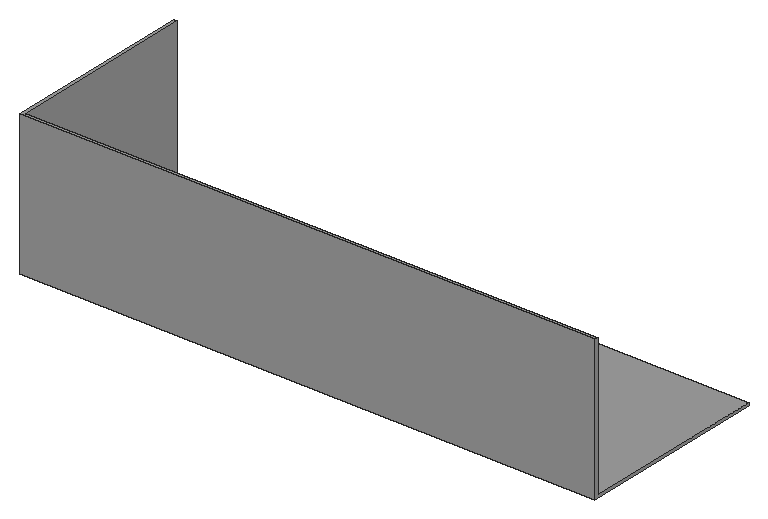
Revit family "d93bb9ab-0a23-4e0f-9059-4a1508c738b2", category Generic Models, Revit 2012
Parameters (values of type "12 inch")
  Unit Width = 1' - 0"
  Unit Height = 0' - 3"
  Unit Depth = 0' - 4"
  URL = "http://www.hyload.com/"
  Thickness = 0' - 0 1/16"
  Specification = "http://www.arcat.com/sdspecs/htm04/07_65_00hyl.htm"
  Sales Information = "http://www.hyload.com/contact-us"
  Revision = "R1_12-2015"
  Product Properties = "http://www.hyload.com/masonry-flashing/preformed-shapes/"
  Product Data = "http://www.arcat.com/arcatcos/cos33/arc33176.html"
  Model = "12 in End Dam"
  Manufacturer Website = "http://www.hyload.com/"
  Manufacturer Phone - Toll Free = "800-457-4056"
  Manufacturer Phone = "330-769-3546"
  Manufacturer Fax = "330-769-4153"
  Manufacturer Address = "5020 Panther Pkwy., Seville, OH 44273"
  Manufacturer = "Hyload"
  Keynote = "07 65 00"
  Flashing Material = Hyload Flashing Membrane - Grey
  Drawn By = "Robert S. Weygant / Sumex Design"
  Description = "Preformed Hyload Masonry Flashing - 12 in End Dam"
  Copyright = "(c) ARCAT, Inc, 2015"
  Construction Details = "http://www.arcat.com/details/hyload/hyload.html?coid=33176"
  Assembly Code = "B3010400"
Types (5): name | Unit Width | Model | Description
  4 inch | 0' - 4" | "4 in End Dam" | "Preformed Hyload Masonry Flashing - 4 in End Dam"
  6 inch | 0' - 6" | "6 in End Dam" | "Preformed Hyload Masonry Flashing - 6 in End Dam"
  8 inch | 0' - 8" | "8 in End Dam" | "Preformed Hyload Masonry Flashing - 8 in End Dam"
  10 inch | 0' - 10" | "10 in End Dam" | "Preformed Hyload Masonry Flashing - 10 in End Dam"
  12 inch | 1' - 0" | "12 in End Dam" | "Preformed Hyload Masonry Flashing - 12 in End Dam"
Reference planes (in)
  plane 1 "Center (Front/Back)": y = 0
  plane 2: z = 0
  plane 3 "Center (Left/Right)": x = 0
  plane 4: y = 4
  plane 5: x = 12
  plane 6: z = 3
Forms (in)
  Extrusion 1, solid, material "Hyload Flashing Membrane - Grey" <- "Flashing Material"
    sketch origin (0, 0, 0) x (1, 0, 0) y (0, 1, 0)
      loop
        line (0, 4) -> (0, 0) -> (12, 0) -> (12, 4) -> (0, 4)
    from 0 to 0.0625 <- "Thickness"
  Extrusion 2, solid, material "Hyload Flashing Membrane - Grey" <- "Flashing Material"
    sketch origin (0, 0, 0) x (1, 0, 0) y (0, 1, 0)
      loop
        line (0, 4) -> (0, 0) -> (12, 0) -> (12, 0.0625) -> (0.0625, 0.0625) -> (0.0625, 4) -> (0, 4)
    from 0 to 3 <- "Unit Height"
Cuts and joins
  joined: Extrusion 1, Extrusion 2
Dimensions and locks (in)
  "Unit Depth": plane 1 "Center (Front/Back)" to plane 4
  "Unit Width": plane 3 "Center (Left/Right)" to plane 5
  "Unit Height": plane 6 to level
  "Thickness": plane 1 "Center (Front/Back)" to Extrusion 2 sketch curve
  "Thickness": plane 3 "Center (Left/Right)" to Extrusion 2 sketch curve
  plane 3 "Center (Left/Right)" to Extrusion 2 = 1' - 0"
  aligned and locked: plane 2 to level
  aligned and locked: Extrusion 1 sketch curve to plane 4
  aligned and locked: plane 3 "Center (Left/Right)" to Extrusion 1 sketch curve
  aligned and locked: Extrusion 1 sketch curve to plane 1 "Center (Front/Back)"
  aligned and locked: Extrusion 1 sketch curve to plane 5
  aligned and locked: plane 4 to Extrusion 2 sketch curve
  aligned and locked: Extrusion 2 sketch curve to plane 3 "Center (Left/Right)"
  aligned and locked: plane 1 "Center (Front/Back)" to Extrusion 2 sketch curve
  aligned and locked: plane 5 to Extrusion 2 sketch curve
  aligned and locked: Extrusion 2 to level
